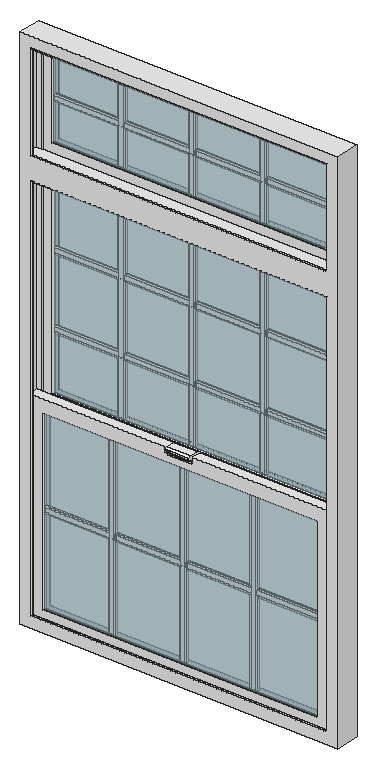
Revit family "Windows_Single-Hung_Milgard_Tuscany-Montecito-Series_Single-Hung-Picture-Above", category Windows, host Wall, Revit 2017
Family settings
  Host = Wall
  OmniClass Number = 23.30.20.17.17.11
  OmniClass Title = Single-Hung Windows
  Always vertical = Yes
  Cut with Voids When Loaded = No
  Shared = No
  Room Calculation Point = No
Parameters (values of type "45" x 75"")
  Youtube clip = "https://www.youtube.com/watch?v=kTycgURMhFo&list=PL_Ow8HQ0-gw77aRiTrPBSI0--vocwVnzV&index=1"
  Weight Net (Kg) = ""
  Uniformat II Description = "Exterior Windows"
  Uniformat II Code = "B2020"
  Uniclass 2015 Name = ""
  Uniclass 2015 Code = ""
  Uniclass 2.0 Description = ""
  Uniclass 2.0 Code = ""
  Uniclass 1.4 Description = ""
  Uniclass 1.4 Code = ""
  URL = "www.milgard.com"
  UNSPSC Code = ""
  U Values URL = "https://www.milgard.com/professionals/energy-calculator"
  Technical description = "https://www.milgard.com/professionals/technical-resources?doc_type%5B%5D=48"
  Style = "Single Hung with Picture Above"  # constant formula
  Sash Division = Height / 2  # 37 1/2"
  Rough Width = Width + 1"  # 46"
  Rough Height = Height + 1"  # 76"
  Region South America = "None"
  Region Oceania = "None"
  Region North America = "CA, US"
  Region Middle East = "None"
  Region Europe = "None"
  Region Asia = "None"
  Region Antarctica = "None"
  Region Africa = "None"
  QR code = "http://bimobject.com/milgardwindowsanddoors/product/milgard-001"
  Product url = "http://www.milgard.com/windows/tuscany-series/tuscany-series-single-hung-window"
  Product group = "Tuscany??? Series"
  Product family = "Single-Hung Windows"
  Product data url = "https://bimobject.com/milgardwindowsanddoors/product/milgard-001"
  Product certification = "https://www.milgard.com/learn/why-milgard/sustainability"
  Product SKU = "milgard-001"
  Product Page URL = "https://www.milgard.com/windows/tuscany-series/tuscany-series-single-hung-window#series-styles--wrapper"
  Product Guid = "9f75bdfc-b521-4a0d-af9b-e80957409c86"
  Product Documentation Link = "https://www.milgard.com/professionals/technical-resources"
  Picture Height = 15"
  OmniClass Description = "Windows"
  OmniClass Code = "23-17 13 00"
  Nominal width = 0"
  Nominal height = 0"
  NBS Reference Description = ""
  NBS Reference Code = ""
  Model = "Tuscany® Series"  # constant formula
  Material secondary = "Glass"
  Material main = "Vinyl"
  Masterformat 2014 Description = "Vinyl Windows"
  Masterformat 2014 Code = "08 53 13"
  Manufacturer name = "Milgard Windows and Doors"
  Manufacturer country = "United States"
  Manufacturer = "® 2017 Milgard Manufacturing, Inc."  # constant formula
  LEED Credit = ""
  Interior Frame Color [instance] = Paint-Milgard-White
  Installation instructions = "https://www.milgard.com/professionals/installation-finishing"
  IFC Classification = ""
  Height = 75"
  Has Grid [instance] = yes
  Hardware Color [instance] = Paint-Milgard-White
  Grid Type = Grid-Milgard : Sculptured
  Grid Color [instance] = Paint-Milgard-White
  Green Building LEED = "https://www.milgard.com/sites/default/files/leed.pdf"
  Glass Material [instance] = Glass-Milgard-P516
  Exterior Frame Color [instance] = Paint-Milgard-White
  Energy Star Zone = "https://www.milgard.com/learn/energy-efficient-windows/energy-star"
  Edition number = 1
  EAN code = ""
  Design country = "United States"
  Design Pressure = ""
  Description = "Vinyl Windows"  # constant formula
  Depth = 3 1/4"  # constant formula
  Default Sill Height = 36"
  Wall Closure = By host
  Width = 45"
  Date of publishing = "1/17/2017"
  COBIe Type Category = ""
  Brand url = "http://www.milgard.com/"
  BIMobject category = "Opening Hinge"
  Analytic Construction = "<None>"
Types (3): name | Sash Division | Rough Width | Rough Height | Picture Height | Height | Width
  45" x 75" | 37 1/2" | 46" | 76" | 15" | 75" | 45"
  36" x 60" | 30" | 37" | 61" | 10" | 60" | 36"
  96" x 84" | 42" | 97" | 85" | 15" | 84" | 96"
Reference planes (in)
  plane 1 "Center (Front/Back)": y = 0
  plane 2: z = 0
  plane 3 "Center (Left/Right)": x = 0.499
  plane 4 "Left": x = -22.001
  plane 5 "Right": x = 22.999
  plane 6 "Sill": z = 36
  plane 7 "Top": z = 92.5
  plane 8: z = 64.25
  plane 9 "Interior": y = -1.625
  plane 10 "Exterior": y = 1.625
  plane 11: z = 63
  plane 12: x = -18.876
  plane 13: x = 19.874
  plane 14: z = 38.8125
  plane 15: z = 65.5
  plane 16 "Grid CL Exterior": y = 0.8125
  plane 17 "Grid CL Interior": y = -0.8125
  plane 18: z = 96
  plane 19: z = 36.9085
  plane 20: x = -20.78
  plane 21: x = 21.778
  plane 22 "Picture Top": z = 111
  plane 23: z = 108.0625
  plane 24: z = 109.96631
  plane 25 "Sash": z = 63.56907
Forms (in)
  Sweep 1, solid, material "Paint-Milgard-White" <- "Exterior Frame Color", detail levels medium+fine
    path origin (0, 0, 0) x (1, 0, 0) y (0, 0, 1)
      loop
        line (-22.001, 36) -> (22.999, 36) -> (22.999, 111) -> (-22.001, 111) -> (-22.001, 36)
    profile origin (-22.001, 0, 73.5) x (-1, 0, 0) y (0, -1, 0)
      loop
        line (-1.54679, 1.625) -> (-1.72, 1.525) -> (-1.72, 1.44922) -> (-0.97, 1.44922) -> (-0.97, 0) -> (-1.72, 0) -> (-1.72, -0.27) -> (-0.97, -0.27) -> (-0.97, -1.19269) -> (-0.7204, -1.625) -> (0, -1.625) -> (0, 1.625) -> (-1.54679, 1.625)
  Sweep 2, solid, material "Paint-Milgard-White" <- "Exterior Frame Color", detail levels medium+fine
    path origin (0, 0, 0) x (1, 0, 0) y (0, 0, 1)
      loop
        line (-22.001, 92.5) -> (22.999, 92.5)
    profile origin (0.499, 0, 92.5) x (0, 0, 1) y (0, -1, 0)
      loop
        line (3.32679, 1.625) -> (0.17321, 1.625) -> (0, 1.525) -> (0, 1.38) -> (0.3755, 1.38) -> (0.3755, 0.10548) -> (0, 0.10548) -> (0, -0.20703) -> (0.645, -0.20703) -> (0.645, -1.05482) -> (0.9996, -1.625) -> (2.5004, -1.625) -> (2.855, -1.05482) -> (2.855, -0.20703) -> (3.5, -0.20703) -> (3.5, 1.525) -> (3.32679, 1.625)
  Sweep 3, solid, material "Paint-Milgard-White", detail levels coarse
    path origin (0, 0, 0) x (1, 0, 0) y (0, 0, 1)
      loop
        line (-22.001, 111) -> (-22.001, 36) -> (22.999, 36) -> (22.999, 111) -> (-22.001, 111)
    profile origin (0.499, 0, 111) x (0, 0, 1) y (0, -1, 0)
      loop
        line (0, -1.625) -> (0, 0) -> (-1.72, 0) -> (-1.72, -1.625) -> (0, -1.625)
  Sweep 4, solid, material "Paint-Milgard-White", detail levels coarse
    path in 3D
      loop
        line (-20.281, 1.625, 95.0004) -> (21.279, 1.625, 95.0004)
    profile origin (0.499, 1.625, 95.0004) x (0, 0, -1) y (0, 1, 0)
      loop
        line (2.5004, -3.25) -> (2.5004, 0) -> (-0.9996, 0) -> (-0.9996, -3.25) -> (2.5004, -3.25)
Cuts and joins
  joined: Sweep 1, Sweep 2
Lines and regions (in)
  Opening 1
    outline origin (-60, -1.625, 0) x (1, 0, 0) y (0, 0, 1)
      loop
        line (37.999, 111) -> (37.999, 36) -> (82.999, 36) -> (82.999, 111) -> (37.999, 111)
  Masking region 1
    outline origin (0, 1.1585, 36) x (0, -1, 0) y (1, 0, 0)
      loop
        line (-0.4665, -22.001) -> (2.7835, -22.001) -> (2.7835, 22.999) -> (-0.4665, 22.999) -> (-0.4665, -22.001)
  symbolic lines, style "Windows", detail levels medium+fine
    curve 1: line (-20.281, 1.41797, 36) -> (21.279, 1.41797, 36)
    curve 2: line (-20.281, -1.44922, 36) -> (21.279, -1.44922, 36)
  symbolic lines, style "Windows"
    curve 3: line (-20.281, 0, 36) -> (21.279, 0, 36)
    curve 4: line (-20.281, 1.625, 36) -> (-20.281, -1.625, 36)
    curve 5: line (21.279, 1.625, 36) -> (21.279, -1.625, 36)
  symbolic lines, style "WindowsFrameMullionProjection", detail levels medium+fine
    curve 6: line (-18.876, 1.41797, 36) -> (-18.876, -1.44922, 36)
    curve 7: line (19.874, 1.41797, 36) -> (19.874, -1.44922, 36)
  symbolic lines, style "Windows", detail levels fine
    curve 8: line (-18.876, 0.8125, 36) -> (19.874, 0.8125, 36)
    curve 9: line (-18.876, -0.8125, 36) -> (19.874, -0.8125, 36)
  sketch lines
    curve 10: line (-20.281, 1.625, 95.0004) -> (21.279, 1.625, 95.0004)
Text (in)
  text "EXTERIOR" at (-61.17835, 22.13118, 0), in view "Ref. Level"
  text "INTERIOR" at (-61.17835, -12.83634, 0), in view "Ref. Level"
  text "Exterior" at (0, 43.65631, 123.19604), in view "Left"
  text "Exterior" at (0, 18.29385, 125.04747), in view "Right"
Dimensions and locks (in)
  equal spacing: plane 4 "Left", plane 3 "Center (Left/Right)", plane 5 "Right"
  "Width": plane 4 "Left" to plane 5 "Right"
  equal spacing: plane 10 "Exterior", plane 1 "Center (Front/Back)", plane 9 "Interior"
  "Depth": plane 10 "Exterior" to plane 9 "Interior"
  equal spacing: plane 10 "Exterior", plane 16 "Grid CL Exterior", plane 1 "Center (Front/Back)", locked at 0.8125 each
  equal spacing: plane 9 "Interior", plane 17 "Grid CL Interior", plane 1 "Center (Front/Back)", locked at 0.8125 each
  locked: nested 2 to plane 10 "Exterior" at 0.20703
  locked: Sweep 1 sketch curve to Sweep 1 sketch curve at 3.25
  locked: plane 4 "Left" to plane 12 at 3.125
  locked: plane 5 "Right" to plane 13 at 3.125
  locked: plane 20 to plane 12 at 1.904
  locked: plane 13 to plane 21 at 1.904
  locked: plane 4 "Left" to curve 4 at 1.72
  locked: Sweep 1 to curve 2 at 0.17578
  locked: curve 5 to plane 5 "Right" at 1.72
  "Picture Height": plane 22 "Picture Top" to plane 18
  "Height": plane 22 "Picture Top" to plane 6 "Sill"
  locked: plane 18 to plane 7 "Top" at 3.5
  locked: plane 14 to plane 6 "Sill" at 2.8125
  locked: plane 22 "Picture Top" to plane 23 at 2.9375
  equal spacing: plane 15, plane 8, plane 11, locked at 1.25 each
  equal spacing: plane 7 "Top", plane 8, plane 6 "Sill"
  locked: plane 15 to plane 11 at 2.5
  locked: plane 19 to plane 6 "Sill" at 0.9085
  locked: plane 22 "Picture Top" to plane 24 at 1.03369
  locked: plane 25 "Sash" to plane 11 at 0.56907
  aligned and locked: plane 6 "Sill" to Opening 1 sketch curve  (x2)
  aligned and locked: plane 5 "Right" to Opening 1 sketch curve
  aligned and locked: plane 4 "Left" to Opening 1 sketch curve
  aligned and locked: Sweep 1 sketch curve to plane 4 "Left"
  aligned and locked: plane 5 "Right" to Sweep 1 sketch curve
  aligned and locked: Sweep 1 sketch curve to plane 6 "Sill"
  aligned: nested 1 to plane 14
  aligned: plane 15 to nested 1  (x4)
  aligned: plane 12 to nested 2
  aligned: plane 13 to nested 2
  aligned: nested 2 to plane 11  (x3)
  aligned and locked: host wall to plane 10 "Exterior"
  aligned: plane 16 "Grid CL Exterior" to nested 2
  aligned: nested 1 to plane 17 "Grid CL Interior"
  aligned: Masking region 1 to Sweep 1  (x4)
  aligned: nested 1 to nested 3
  aligned and locked: nested 1 to plane 17 "Grid CL Interior"  (x2)
  aligned and locked: plane 16 "Grid CL Exterior" to nested 2  (x2)
  aligned: plane 14 to nested 1
  aligned and locked: nested 2 to nested 4  (x4)
  aligned and locked: nested 1 to nested 5  (x4)
  aligned: nested 1 to Sweep 1
  aligned: nested 2 to Sweep 1
  aligned and locked: plane 3 "Center (Left/Right)" to nested 3
  aligned and locked: nested 1 to nested 3
  aligned and locked: Sweep 1 sketch curve to profile plane
  aligned and locked: plane 9 "Interior" to Sweep 1 sketch curve
  aligned: nested 2 to plane 20
  aligned: nested 2 to plane 21
  aligned: nested 1 to plane 21
  aligned: nested 1 to plane 20
  aligned: plane 19 to nested 1
  aligned and locked: level to plane 2
  aligned and locked: nested 3 to nested 1
  aligned and locked: plane 1 "Center (Front/Back)" to curve 3
  aligned and locked: plane 10 "Exterior" to curve 4
  aligned and locked: Sweep 1 to curve 4
  aligned and locked: Masking region 1 to plane 9 "Interior"
  aligned and locked: plane 4 "Left" to Masking region 1
  aligned and locked: Masking region 1 to plane 5 "Right"
  aligned and locked: plane 10 "Exterior" to Masking region 1
  aligned and locked: plane 10 "Exterior" to curve 5
  aligned and locked: plane 9 "Interior" to curve 5
  aligned and locked: nested 2 to curve 6
  aligned and locked: curve 2 to curve 6
  aligned and locked: curve 1 to curve 7
  aligned and locked: plane 12 to curve 8
  aligned and locked: plane 13 to curve 8
  aligned and locked: plane 16 "Grid CL Exterior" to curve 8
  aligned and locked: plane 12 to curve 9
  aligned and locked: plane 13 to curve 9
  aligned and locked: curve 9 to plane 17 "Grid CL Interior"
  aligned and locked: Sweep 1 sketch curve to plane 22 "Picture Top"
  aligned and locked: Opening 1 sketch curve to plane 22 "Picture Top"
  aligned: nested 6 to plane 21
  aligned: nested 6 to plane 20
  aligned: plane 24 to nested 6
  aligned: plane 18 to nested 6
  aligned and locked: nested 6 to nested 7  (x4)
  aligned and locked: plane 4 "Left" to Sweep 2 sketch curve
  aligned and locked: plane 5 "Right" to Sweep 2 sketch curve
  aligned: nested 6 to cut or joined group of Sweep 1, Sweep 2
  aligned: nested 2 to cut or joined group of Sweep 1, Sweep 2
  aligned and locked: nested 1 to plane 21
  aligned and locked: nested 1 to plane 20
  aligned and locked: plane 19 to nested 1
  aligned and locked: plane 15 to nested 1
  aligned and locked: nested 2 to plane 20
  aligned and locked: nested 2 to plane 21
  aligned and locked: nested 6 to plane 21
  aligned and locked: nested 6 to plane 20
  aligned and locked: plane 24 to nested 6
  aligned and locked: nested 6 to cut or joined group of Sweep 1, Sweep 2
  aligned and locked: nested 2 to cut or joined group of Sweep 1, Sweep 2
  aligned and locked: plane 25 "Sash" to nested 2
  aligned and locked: Sweep 3 sketch curve to plane 6 "Sill"
  aligned and locked: plane 5 "Right" to Sweep 3 sketch curve
  aligned and locked: Sweep 3 sketch curve to plane 4 "Left"
  aligned and locked: Sweep 3 sketch curve to plane 22 "Picture Top"  (x2)
  aligned and locked: Sweep 3 sketch curve to host wall
  aligned and locked: Sweep 3 sketch curve to plane 10 "Exterior"
  aligned and locked: cut or joined group of Sweep 1, Sweep 2 to Sweep 3 sketch curve
  aligned and locked: Sweep 4 sketch curve to plane 18
  aligned and locked: Sweep 4 sketch curve to plane 7 "Top"
  aligned and locked: Sweep 4 sketch curve to plane 10 "Exterior"
  aligned and locked: plane 9 "Interior" to Sweep 4 sketch curve
Automatic sketch dimensions
  host wall to Masking region 1 sketch curve = 0"
  Masking region 1 sketch curve to host wall = 0"
  plane 4 "Left" to Masking region 1 sketch curve = 0"
  Masking region 1 sketch curve to plane 5 "Right" = 0"
  Sweep 2 sketch curve to plane 7 "Top" = 0"
  Sweep 2 sketch curve to profile plane = 0"  (x2)
  Sweep 2 sketch curve to Sweep 2 sketch curve = 0.17321"  (x2)
  Sweep 2 sketch curve to Sweep 2 sketch curve = 0.20229"
  Sweep 2 sketch curve to Sweep 2 sketch curve = 0.2695"
  Sweep 2 sketch curve to Sweep 2 sketch curve = 0.3546"  (x2)
  Sweep 2 sketch curve to Sweep 2 sketch curve = 1.50081"
  Sweep 2 sketch curve to Sweep 2 sketch curve = 0.57018"  (x2)
  Sweep 2 sketch curve to Sweep 2 sketch curve = 0.84779"  (x2)
  Sweep 2 sketch curve to Sweep 2 sketch curve = 5/16"
  Sweep 2 sketch curve to Sweep 2 sketch curve = 1.27452"
  Sweep 2 sketch curve to Sweep 2 sketch curve = 0.145"
  Sweep 2 sketch curve to Sweep 2 sketch curve = 0.1"
  Sweep 2 sketch curve to plane 1 "Center (Front/Back)" = 1 5/8"
  Sweep 2 sketch curve to Sweep 2 sketch curve = 0.645"
  plane 1 "Center (Front/Back)" to Sweep 2 sketch curve = 1.525"
  profile plane to Sweep 1 sketch curve = 0.7204"
  Sweep 1 sketch curve to Sweep 1 sketch curve = 0.2496"
  plane 1 "Center (Front/Back)" to Sweep 1 sketch curve = 0"
  Sweep 1 sketch curve to Sweep 1 sketch curve = 0"
  Sweep 1 sketch curve to Sweep 1 sketch curve = 0.57679"
  Sweep 1 sketch curve to Sweep 1 sketch curve = 0.17321"
  Sweep 1 sketch curve to Sweep 1 sketch curve = 3/4"
  Sweep 1 sketch curve to Sweep 1 sketch curve = 0.43231"
  Sweep 1 sketch curve to plane 1 "Center (Front/Back)" = 0.27"
  Sweep 1 sketch curve to Sweep 1 sketch curve = 45/256"
  Sweep 1 sketch curve to Sweep 1 sketch curve = 0.1"
Nested families (in)
  nested 1: "Sash-Milgard-Single _Hung" at (0.499, -0.8125, 51.20425) x (1, 0, 0) z (0, -1, 0), Sash Color <- "Interior Frame Color", type "By type"
    with Width 42.558", Sash Color Paint-Milgard-White, Height 28.5915", Grid Width 38.808", Grid Height 25.0915", Depth 1 35/128"
  nested 2: "Sash-Milgard-Single _Hung" at (0.499, 0.8125, 78.35704) x (1, 0, 0) z (0, -1, 0), Sash Color <- "Interior Frame Color", type "By type"
    with Width 42.558", Sash Color Paint-Milgard-White, Height 29.57593", Grid Width 38.808", Grid Height 26.07593", Depth 1 27/128"
  nested 3: "Lock-Streamlined" at (0.499, -1.44922, 65.5), Hardware Color <- "Hardware Color", type "By type", detail levels fine
    with Hardware Color Paint-Milgard-White
  nested 4: "Grid-Milgard" at (0.499, 0.8125, 78.35704) x (1, 0, 0) z (0, -1, 0), type <- "Grid Type", visible <- "Has Grid", Grid Material <- "Grid Color", type "Sculptured"
    with Y Single Grid no, Y Multiple Grid yes, Y Grid Spacing 10", Y Grid Qty 2, Y Grid Location 5", Y Grid Array 2, X Single Grid no, X Multiple Grid yes, X Grid Spacing 10", X Grid Qty 3, X Grid Location 10", X Grid Array 3, Width 38.75039", Height 25.76832", Grid Material Paint-Milgard-White
  nested 5: "Grid-Milgard" at (0.499, -0.8125, 51.20425) x (1, 0, 0) z (0, -1, 0), type <- "Grid Type", visible <- "Has Grid", Grid Material <- "Grid Color", type "Sculptured"
    with Y Single Grid yes, Y Multiple Grid no, Y Grid Spacing 10", Y Grid Qty 1, Y Grid Location 0", Y Grid Array 2, X Single Grid no, X Multiple Grid yes, X Grid Spacing 10", X Grid Qty 3, X Grid Location 10", X Grid Array 3, Width 38.75039", Height 24.78389", Grid Material Paint-Milgard-White
  nested 6: "Sash-Milgard-Single _Hung" at (0.499, 0.8125, 102.66065) x (1, 0, 0) z (0, -1, 0), Sash Color <- "Interior Frame Color", type "By type"
    with Width 42.558", Sash Color Paint-Milgard-White, Height 14.61131", Grid Width 38.808", Grid Height 11.11131", Depth 1 35/128"
  nested 7: "Grid-Milgard" at (0.499, 0.8125, 102.66065) x (1, 0, 0) z (0, -1, 0), type <- "Grid Type", visible <- "Has Grid", Grid Material <- "Grid Color", type "Sculptured"
    with Y Single Grid yes, Y Multiple Grid no, Y Grid Spacing 10", Y Grid Qty 1, Y Grid Location 0", Y Grid Array 2, X Single Grid no, X Multiple Grid yes, X Grid Spacing 10", X Grid Qty 3, X Grid Location 10", X Grid Array 3, Width 38.75039", Height 10.80369", Grid Material Paint-Milgard-White
Definition of nested family "Sash-Milgard-Single _Hung"
  Parameters (values of type "By type")
    Width [instance] = 48"
    Sash Color [instance] = none
    Height [instance] = 48"
    Grid Width [instance] = Width - 3 3/4"  # 44 1/4"
    Grid Height [instance] = Height - 3 1/2"  # 44 1/2"
    Glass Material = none
    Depth [instance] = 1 35/128"
    Default Elevation = 48"
    Assembly Code = ""
    Analytic Construction = "<None>"
  Reference planes (in)
    plane 1 "Center (Front/Back)": y = 0
    plane 2: z = 0
    plane 3 "Center (Left/Right)": x = 0
    plane 4 "Left": x = -24
    plane 5 "Right": x = 24
    plane 6 "Top": y = 24
    plane 7 "Bottom": y = -24
    plane 8 "Front": z = 0.63672
    plane 9 "Back": z = -0.63672
    plane 10: y = 22.60727
    plane 11: y = -22.60727
    plane 12: x = 22.60727
    plane 13: x = -22.60727
    plane 14 "Grid Plane 1": x = -22.09619
    plane 15 "Grid Plane 2": x = 22.09619
    plane 16 "Grid Plane 3": y = 22.09619
    plane 17 "Grid Plane 4": y = -22.09619
  Forms (in)
    Sweep 1, solid, material <- "Sash Color"
      path origin (0, 0, 0) x (1, 0, 0) y (0, 1, 0)
        loop
          line (-24, 24) -> (-24, -24) -> (24, -24) -> (24, 24) -> (-24, 24)
      profile origin (-24, 0, 0) x (1, 0, 0) y (0, 0, 1)
        loop
          line (0, 0.63672) -> (0, -0.63672) -> (1.80668, -0.63672) -> (1.91032, -0.4572) -> (1.39273, -0.4572) -> (1.39273, 0.48759) -> (1.90381, 0.48759) -> (1.81771, 0.63672) -> (0, 0.63672)
    Extrusion 2, solid, material <- "Glass Material"
      sketch origin (0, 0, 0) x (0, 1, 0) y (0, 0, 1)
        loop
          line (22.60727, 0.48759) -> (-22.60727, 0.48759) -> (-22.60727, 0.36259) -> (22.60727, 0.36259) -> (22.60727, 0.48759)
        loop
          line (22.60727, -0.4572) -> (22.60727, -0.3322) -> (-22.60727, -0.3322) -> (-22.60727, -0.4572) -> (22.60727, -0.4572)
      from -22.60727 to 22.60727
  Dimensions and locks (in)
    equal spacing: plane 4 "Left", plane 3 "Center (Left/Right)", plane 5 "Right"
    "Width": plane 4 "Left" to plane 5 "Right"
    equal spacing: plane 8 "Front", level, plane 9 "Back"
    "Depth": plane 8 "Front" to plane 9 "Back"
    equal spacing: plane 6 "Top", plane 1 "Center (Front/Back)", plane 7 "Bottom"
    "Height": plane 6 "Top" to plane 7 "Bottom"
    Extrusion 2 sketch curve to Sweep 1 = 1/8"  (x2)
    locked: plane 6 "Top" to plane 10 at 1.39273
    locked: plane 11 to plane 7 "Bottom" at 1.39273
    locked: plane 12 to plane 5 "Right" at 1.39273
    locked: plane 4 "Left" to plane 13 at 1.39273
    locked: plane 13 to plane 14 "Grid Plane 1" at 0.51107
    locked: plane 15 "Grid Plane 2" to plane 12 at 0.51107
    locked: plane 10 to plane 16 "Grid Plane 3" at 0.51107
    locked: plane 17 "Grid Plane 4" to plane 11 at 0.51107
    aligned and locked: profile plane to Sweep 1 sketch curve
    aligned and locked: Sweep 1 to plane 8 "Front"
    aligned and locked: Sweep 1 to plane 9 "Back"
    aligned and locked: Sweep 1 sketch curve to plane 6 "Top"
    aligned and locked: Sweep 1 sketch curve to plane 7 "Bottom"
    aligned and locked: Sweep 1 sketch curve to plane 4 "Left"
    aligned and locked: Sweep 1 sketch curve to plane 5 "Right"
    aligned and locked: plane 10 to Extrusion 2  (x2)
    aligned and locked: Extrusion 2 to plane 11  (x2)
    aligned and locked: plane 13 to Extrusion 2
    aligned and locked: plane 12 to Extrusion 2
  Automatic sketch dimensions
    level to Sweep 1 sketch curve = 0.48759"
    Sweep 1 sketch curve to profile plane = 1.39273"
    Sweep 1 sketch curve to level = 163/256"
    Sweep 1 sketch curve to Sweep 1 sketch curve = 0.41395"
    Sweep 1 sketch curve to Sweep 1 sketch curve = 0.42497"
    Sweep 1 sketch curve to Sweep 1 sketch curve = 0.0861"
    Sweep 1 sketch curve to level = 0.4572"
    Sweep 1 sketch curve to Sweep 1 sketch curve = 0.10364"
    Sweep 1 sketch curve to Sweep 1 sketch curve = 0.14913"
    Extrusion 2 sketch curve to plane 11 = 0"  (x2)
    Extrusion 2 sketch curve to plane 10 = 0"  (x2)
    Extrusion 2 sketch curve to Extrusion 2 sketch curve = 1/8"  (x2)
Definition of nested family "Lock-Streamlined"
  Parameters
    Hardware Color [instance] = none
    Default Elevation = 48"
    Assembly Code = ""
  Reference planes (in)
    plane 1 "Center (Front/Back)": y = 0
    plane 2: z = 0
    plane 3 "Center (Left/Right)": x = 0
  Forms (in)
    Extrusion 1, solid, material <- "Hardware Color"
      sketch origin (0, 0, 0) x (0, 1, 0) y (0, 0, 1)
        loop
          line (1.289, 0) -> (1.289, 0.1) -> (1.02348, 0.19834) -> (-0.16402, 0.19834) -> (-0.53109, 0.04253)
          arc (-0.53109, 0.04253) -> (-0.61252, -0.02474) -> (-0.64397, -0.12558) r 0.1853
          arc (-0.64397, -0.12558) -> (-0.60725, -0.24624) -> (-0.49642, -0.30645) r 0.16635
          line (-0.49642, -0.30645) -> (-0.17485, -0.30645)
          arc (-0.17485, -0.30645) -> (-0.13606, -0.32252) -> (-0.12, -0.3613) r 0.05485
          line (-0.12, -0.3613) -> (-0.12, -0.59691) -> (-0.07, -0.86691) -> (0, -0.86691) -> (0, 0) -> (1.289, 0)
      from -1.69 to 1.69
Definition of nested family "Grid-Milgard"
  Parameters
    Y Single Grid [instance] = Y Grid Qty = 1  # no
    Y Multiple Grid [instance] = Y Grid Qty > 1  # yes
    Y Grid Spacing [instance] = 10"
    Y Grid Qty [instance] = if(Height < 15", (Height / Y Grid Spacing), (Height / Y Grid Spacing) - 1)  # 3
    Y Grid Location [instance] = ((Y Grid Qty - 1) * Y Grid Spacing) / 2  # 10"
    Y Grid Array [instance] = if(Y Grid Qty = 1, Y Grid Qty + 1, Y Grid Qty)  # 3
    X Single Grid [instance] = X Grid Qty = 1  # no
    X Multiple Grid [instance] = X Grid Qty > 1  # yes
    X Grid Spacing [instance] = 10"
    X Grid Qty [instance] = if(Width < 15", (Width / X Grid Spacing), (Width / X Grid Spacing) - 1)  # 3
    X Grid Location [instance] = ((X Grid Qty - 1) * X Grid Spacing) / 2  # 10"
    X Grid Array [instance] = if(X Grid Qty = 1, X Grid Qty + 1, X Grid Qty)  # 3
    Width [instance] = 40"
    Height [instance] = 40"
    Grid Option = Grid_Bar-Milgard-Simulated_Divided_Lite : 7/8"
    Grid Material [instance] = none
    Default Elevation = 48"
    Assembly Code = ""
  Reference planes (in)
    plane 1 "Center (Front/Back)": y = 0
    plane 2: z = 0
    plane 3 "Center (Left/Right)": x = 0
    plane 4 "Left": x = -20
    plane 5 "Right": x = 20
    plane 6 "Top": y = 20
    plane 7 "Bottom": y = -20
  Dimensions and locks (in)
    equal spacing: plane 4 "Left", plane 3 "Center (Left/Right)", plane 5 "Right"
    equal spacing: plane 6 "Top", plane 1 "Center (Front/Back)", plane 7 "Bottom"
    "Width": plane 4 "Left" to plane 5 "Right"
    "Height": plane 6 "Top" to plane 7 "Bottom"
    equal spacing: group 1, group 2, group 5  (x3)
    "X Grid Spacing": nested 1 to nested 3
    equal spacing: group 3, group 4, group 6  (x2)
    equal spacing: group 6, group 4, group 3
    "Y Grid Location": plane 1 "Center (Front/Back)" to nested 2
    "Y Grid Spacing": nested 4 to nested 2
    "X Grid Location": nested 1 to plane 3 "Center (Left/Right)"
    aligned and locked: nested 1 to plane 1 "Center (Front/Back)"
    aligned and locked: plane 3 "Center (Left/Right)" to nested 2
    aligned and locked: nested 3 to plane 1 "Center (Front/Back)"
    aligned and locked: plane 1 "Center (Front/Back)" to nested 5
    aligned and locked: plane 4 "Left" to nested 5
    aligned and locked: plane 5 "Right" to nested 5
    aligned and locked: plane 6 "Top" to nested 6
    aligned and locked: plane 3 "Center (Left/Right)" to nested 6
    aligned and locked: plane 4 "Left" to nested 7
    aligned and locked: plane 5 "Right" to nested 7
    aligned and locked: plane 4 "Left" to nested 8
    aligned and locked: plane 5 "Right" to nested 8
    aligned and locked: plane 1 "Center (Front/Back)" to nested 8
    aligned and locked: nested 9 to plane 6 "Top"
    aligned and locked: nested 9 to plane 3 "Center (Left/Right)"
    aligned and locked: plane 1 "Center (Front/Back)" to nested 7
    aligned and locked: nested 10 to plane 6 "Top"
    aligned and locked: nested 10 to plane 3 "Center (Left/Right)"
  Nested families (in)
    nested 1: "Grid_Bar-Milgard-Simulated_Divided_Lite" at (-10, 0, 0) x (0, 1, 0) z (0, 0, 1), Grid Length <- "Height", visible <- "X Multiple Grid", type <- "Grid Option", type "7/8""
      with Grid Length 40"
    nested 2: "Grid_Bar-Milgard-Simulated_Divided_Lite" at (0, 10, 0), Grid Length <- "Width", visible <- "Y Multiple Grid", type <- "Grid Option", type "7/8""
      with Grid Length 40"
    nested 3: "Grid_Bar-Milgard-Simulated_Divided_Lite" at (0, 0, 0) x (0, 1, 0) z (0, 0, 1), Grid Length <- "Height", visible <- "X Multiple Grid", type <- "Grid Option", type "7/8""
      with Grid Length 40"
    nested 4: "Grid_Bar-Milgard-Simulated_Divided_Lite" at (0, 0, 0), Grid Length <- "Width", visible <- "Y Multiple Grid", type <- "Grid Option", type "7/8""
      with Grid Length 40"
    nested 5: "Grid_Bar-Milgard-Simulated_Divided_Lite" at (0, 0, 0), visible <- "Y Single Grid", Grid Length <- "Width", type <- "Grid Option", type "7/8""
      with Grid Length 40"
    nested 6: "Grid_Bar-Milgard-Simulated_Divided_Lite" at (0, 0, 0) x (0, 1, 0) z (0, 0, 1), visible <- "X Single Grid", type <- "Grid Option", Grid Length <- "Height", type "7/8""
      with Grid Length 40"
    nested 7: "Grid_Bar-Milgard-Simulated_Divided_Lite" at (0, 0, 0), visible <- "Y Single Grid", Grid Length <- "Width", type <- "Grid Option", type "7/8""
      with Grid Length 40"
    nested 8: "Grid_Bar-Milgard-Simulated_Divided_Lite" at (0, 0, 0), Grid Length <- "Width", visible <- "Y Single Grid", type <- "Grid Option", type "7/8""
      with Grid Length 40"
    nested 9: "Grid_Bar-Milgard-Simulated_Divided_Lite" at (0, 0, 0) x (0, -1, 0) z (0, 0, 1), Grid Length <- "Height", visible <- "X Single Grid", type <- "Grid Option", type "7/8""
      with Grid Length 40"
    nested 10: "Grid_Bar-Milgard-Simulated_Divided_Lite" at (0, 0, 0) x (0, -1, 0) z (0, 0, 1), visible <- "X Single Grid", Grid Length <- "Height", type <- "Grid Option", type "7/8""
      with Grid Length 40"
    nested 11: "Grid_Bar-Milgard-Simulated_Divided_Lite" at (10, 0, 0) x (0, 1, 0) z (0, 0, 1), Grid Length <- "Height", visible <- "X Multiple Grid", type <- "Grid Option", type "7/8""
      with Grid Length 40"
    nested 12: "Grid_Bar-Milgard-Simulated_Divided_Lite" at (0, -10, 0), Grid Length <- "Width", visible <- "Y Multiple Grid", type <- "Grid Option", type "7/8""
      with Grid Length 40"
  Definition of nested family "Grid_Bar-Milgard-Simulated_Divided_Lite"
    Parameters
      Grid Material = none
      Grid Length [instance] = 46 1/2"
      Grid Height = 7/8"
      Grid Depth = 1 51/256"
      Default Elevation = 48"
      Assembly Code = ""
    Reference planes (in)
      plane 1 "Center (Front/Back)": y = 0
      plane 2: z = 0
      plane 3 "Center (Left/Right)": x = 0
      plane 4 "Left": x = -23.25
      plane 5 "Right": x = 23.25
      plane 6: y = 0.4375
      plane 7: y = -0.4375
      plane 8: z = 0.59961
      plane 9: z = -0.59961
    Forms (in)
      Sweep 1, solid, material <- "Grid Material"
        path origin (0, 0, 0) x (1, 0, 0) y (0, 1, 0)
          loop
            line (-23.25, 0) -> (23.25, 0)
        profile origin (0, 0, 0) x (0, 1, 0) y (0, 0, 1)
          loop
            line (0.4375, 0.59961) -> (-0.4375, 0.59961) -> (-0.4375, -0.59961) -> (0.4375, -0.59961) -> (0.4375, 0.59961)
    Lines and regions (in)
      symbolic lines, detail levels coarse+medium
        curve 1: line (-23.25, 0, 0) -> (23.25, 0, 0)
      symbolic lines, detail levels fine
        curve 2: line (-23.25, 0.4375, 0) -> (23.25, 0.4375, 0)
        curve 3: line (-23.25, -0.4375, 0) -> (23.25, -0.4375, 0)
    Dimensions and locks (in)
      equal spacing: plane 4 "Left", plane 3 "Center (Left/Right)", plane 5 "Right"
      "Grid Length": plane 4 "Left" to plane 5 "Right"
      equal spacing: plane 6, plane 1 "Center (Front/Back)", plane 7
      equal spacing: plane 8, plane 2, plane 9
      "Grid Height": plane 6 to plane 7
      "Grid Depth": plane 8 to plane 9
      aligned and locked: plane 6 to Sweep 1 sketch curve
      aligned and locked: Sweep 1 sketch curve to plane 7
      aligned and locked: Sweep 1 sketch curve to plane 8
      aligned and locked: plane 9 to Sweep 1 sketch curve
      aligned and locked: plane 4 "Left" to curve 1
      aligned and locked: plane 5 "Right" to curve 1
      aligned and locked: plane 1 "Center (Front/Back)" to curve 1
      aligned and locked: plane 4 "Left" to curve 2
      aligned and locked: plane 4 "Left" to curve 3
      aligned and locked: plane 5 "Right" to curve 2
      aligned and locked: plane 5 "Right" to curve 3
      aligned and locked: plane 6 to curve 2
      aligned and locked: plane 7 to curve 3
    Automatic sketch dimensions
      plane 1 "Center (Front/Back)" to Sweep 1 sketch curve = 0"
      Sweep 1 sketch curve to plane 4 "Left" = 0"
      Sweep 1 sketch curve to plane 5 "Right" = 0"
